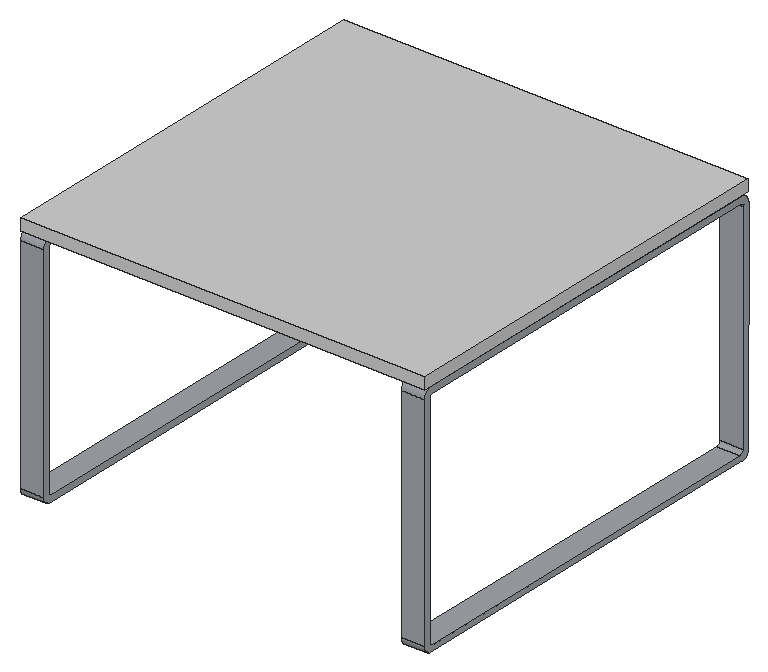
Revit family
Parameters
  URL = "http://www.martinbrattrud.com"
  Table [instance] = none
  SCS Certified Product = "Yes"
  Model = "Serif 532-26SLCS"
  Manufacturer = "Martin Brattrud, Inc."
  Legs [instance] = none
  Keynote = "125000"
  Copyright = "© 2013 Martin Brattrud, Inc."
  Authoring Version = "Revit Architecture 2010"
  Assembly Code = "E2020200"
Reference planes (in)
  plane 1 "Center Front/Back": y = 0
  plane 2: z = 0
  plane 3 "Center Left/Right": x = 0
Forms (in)
  Extrusion 1, solid, material <- "Legs"
    sketch origin (-12.25, 0, 0) x (0, 1, 0) y (0, 0, 1)
      loop
        arc (13, 14.935) -> (12.85355, 15.28855) -> (12.5, 15.435) r 0.5
        line (12.5, 15.435) -> (-12.5, 15.435)
        arc (-12.5, 15.435) -> (-12.85355, 15.28855) -> (-13, 14.935) r 0.5
        line (-13, 14.935) -> (-13, 0.6875)
        arc (-13, 0.6875) -> (-12.85355, 0.33395) -> (-12.5, 0.1875) r 0.5
        line (-12.5, 0.1875) -> (12.5, 0.1875)
        arc (12.5, 0.1875) -> (12.85355, 0.33395) -> (13, 0.6875) r 0.5
        line (13, 0.6875) -> (13, 14.935)
      loop
        arc (12.625, 14.81) -> (12.55178, 14.98678) -> (12.375, 15.06) r 0.25
        line (12.375, 15.06) -> (-12.375, 15.06)
        arc (-12.375, 15.06) -> (-12.55178, 14.98678) -> (-12.625, 14.81) r 0.25
        line (-12.625, 14.81) -> (-12.625, 0.8125)
        arc (-12.625, 0.8125) -> (-12.55178, 0.63572) -> (-12.375, 0.5625) r 0.25
        line (-12.375, 0.5625) -> (12.375, 0.5625)
        arc (12.375, 0.5625) -> (12.55178, 0.63572) -> (12.625, 0.8125) r 0.25
        line (12.625, 0.8125) -> (12.625, 14.81)
    from -0.75 to 0.75
  Revolve 2, solid
    sketch origin (-12.25, -5, 0) x (0, 1, 0) y (0, 0, 1)
      loop
        line (-6.4375, 0) -> (-6.4375, 0.1875) -> (-7, 0.1875) -> (-7, 0.125)
        arc (-7, 0.125) -> (-6.96339, 0.03661) -> (-6.875, 0) r 0.125
        line (-6.875, 0) -> (-6.4375, 0)
      axis (-6.4375, 0) -> (-6.4375, 0.1875)
    angle from 0 to 360
  Revolve 3, solid
    sketch origin (-12.25, 17.875, 0) x (0, 1, 0) y (0, 0, 1)
      loop
        line (-6.4375, 0) -> (-6.4375, 0.1875) -> (-7, 0.1875) -> (-7, 0.125)
        arc (-7, 0.125) -> (-6.96339, 0.03661) -> (-6.875, 0) r 0.125
        line (-6.875, 0) -> (-6.4375, 0)
      axis (-6.4375, 0) -> (-6.4375, 0.1875)
    angle from 0 to 360
  Extrusion 4, solid, material <- "Legs"
    sketch origin (12.25, 0, 0) x (0, 1, 0) y (0, 0, -1)
      loop
        line (13, -14.935) -> (13, -0.6875)
        arc (13, -0.6875) -> (12.85355, -0.33395) -> (12.5, -0.1875) r 0.5
        line (12.5, -0.1875) -> (-12.5, -0.1875)
        arc (-12.5, -0.1875) -> (-12.85355, -0.33395) -> (-13, -0.6875) r 0.5
        line (-13, -0.6875) -> (-13, -14.935)
        arc (-13, -14.935) -> (-12.85355, -15.28855) -> (-12.5, -15.435) r 0.5
        line (-12.5, -15.435) -> (12.5, -15.435)
        arc (12.5, -15.435) -> (12.85355, -15.28855) -> (13, -14.935) r 0.5
      loop
        line (12.625, -14.81) -> (12.625, -0.8125)
        arc (12.625, -0.8125) -> (12.55178, -0.63572) -> (12.375, -0.5625) r 0.25
        line (12.375, -0.5625) -> (-12.375, -0.5625)
        arc (-12.375, -0.5625) -> (-12.55178, -0.63572) -> (-12.625, -0.8125) r 0.25
        line (-12.625, -0.8125) -> (-12.625, -14.81)
        arc (-12.625, -14.81) -> (-12.55178, -14.98678) -> (-12.375, -15.06) r 0.25
        line (-12.375, -15.06) -> (12.375, -15.06)
        arc (12.375, -15.06) -> (12.55178, -14.98678) -> (12.625, -14.81) r 0.25
    from -0.75 to 0.75
  Revolve 5, solid
    sketch origin (12.25, -5, 0) x (0, 1, 0) y (0, 0, -1)
      loop
        line (-6.4375, 0) -> (-6.875, 0)
        arc (-6.875, 0) -> (-6.96339, -0.03661) -> (-7, -0.125) r 0.125
        line (-7, -0.125) -> (-7, -0.1875) -> (-6.4375, -0.1875) -> (-6.4375, 0)
      axis (-6.4375, 0) -> (-6.4375, -0.1875)
    angle from 0 to 360
  Revolve 6, solid
    sketch origin (12.25, 17.875, 0) x (0, 1, 0) y (0, 0, -1)
      loop
        line (-6.4375, 0) -> (-6.875, 0)
        arc (-6.875, 0) -> (-6.96339, -0.03661) -> (-7, -0.125) r 0.125
        line (-7, -0.125) -> (-7, -0.1875) -> (-6.4375, -0.1875) -> (-6.4375, 0)
      axis (-6.4375, 0) -> (-6.4375, -0.1875)
    angle from 0 to 360
  Extrusion 7, solid, material <- "Table"
    sketch origin (0, 0, -4) x (1, 0, 0) y (0, 1, 0)
      loop
        line (-13, 13) -> (-13, -13) -> (13, -13) -> (13, 13) -> (-13, 13)
    from 19.4975 to 20.2475
